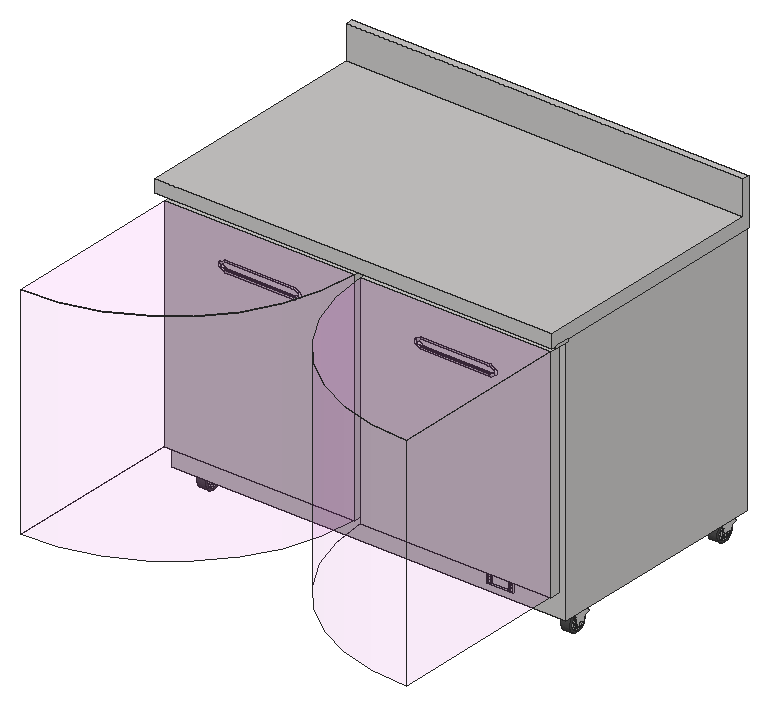
Revit family "QF_Kelvinator_738343_KCHUCWT48R-220_2-Door_220V_Refrigerated_Work_Top_48Long", category Specialty Equipment, Revit 2021
Family settings
  Round Connector Dimension = Use Diameter
  Part Type = Normal
  Work Plane-Based = No
  Always vertical = Yes
  Cut with Voids When Loaded = No
  Shared = No
  Room Calculation Point = No
Parameters
  Weight in Pounds = 280
  Watts = Volts * FL Amps  # 660 W
  Volts = 220 V
  URL Cutsheet = ""
  Specification by User = ""
  Specification by Manufacturer = ""
  Serial Number = ""
  Seismic Rating = ""
  SMACNA No = ""
  Revision Code = ""
  Refrigerant Type = "R290"
  Phase = 1
  Number of Poles = 1
  NAFEM Spec ID Number = ""
  Model = "738343 (KCHUCWT48R-220)"
  Min Ckt Ampacity = 0 A
  Max Overcurrent Protection = 0 A
  Masterspec = ""
  Manufacturer = "Kelvinator Commercial"
  Length = 48 1/4"
  Item Number = "738343"
  Installed By = ""
  Identify Quantity as Lot = yes
  Height = 39 5/8"
  HP = "1/4"
  Furnished By = ""
  Foodservice Equipment Identifier = yes
  FL Amps = 3 A
  Electrical Remarks = ""
  Electric Connection Type = ""
  Elec Conn RI Height = 0"
  Elec Conn Connection Height = 0"
  Description = "2-Door 220V Refrigerated Work Top 48\" Long"
  Depth = 29 15/16"
  Default Elevation = 0"
  Cycle = 50 Hz
  Conn Plug = ""
  Conn Conduit = yes
  CSI MasterFormat = ""
  Apparent Power = 0 VA
Reference planes (in)
  plane 1 "BACK": y = 0
  plane 2: z = 0
  plane 3 "LEFT": x = 0
  plane 4 "RIGHT": x = 48.25
  plane 5 "FRONT": y = -29.9375
  plane 6 "TOP": z = 39.625
  plane 7 "Center Y": x = 24.125
  plane 8 "Center X": y = -14.96875
Dimensions and locks (in)
  equal spacing: plane 3 "LEFT", plane 7 "Center Y", plane 4 "RIGHT"
  "Length": plane 3 "LEFT" to plane 4 "RIGHT"
  equal spacing: plane 5 "FRONT", plane 8 "Center X", plane 1 "BACK"
  "Depth": plane 5 "FRONT" to plane 1 "BACK"
  "Height": plane 6 "TOP" to level
  aligned and locked: level to plane 2
Nested families (in)
  nested 1: "KCHST.0001" at (0, 0, 0), type "KCHST.0001"
    with Show Clearance yes
Connectors (in)
  electrical at (24.11417, -0.87772, 2.31881), driven by "Volts", driven by "Watts"
    settings: on nested 1, index 1, voltage 220 V, apparent load 660 VA, apparent load phase1 0 VA, apparent load phase2 0 VA, apparent load phase3 0 VA, power factor 1, load classification "Other", number of poles 1, system type 30, power factor state 1, is connector primary yes, connector utility no, sub classification motor no, connector description ""
Definition of nested family "KCHST.0001"
  Parameters (values of type "KCHST.0001")
    Weight in Pounds = 0
    URL Cutsheet = ""
    Specification by User = ""
    Specification by Manufacturer = ""
    Show Clearance [instance] = yes
    Serial Number = ""
    Seismic Rating = ""
    SMACNA No = ""
    Revision Code = ""
    NAFEM Spec ID Number = ""
    Masterspec = ""
    Length = 48 1/4"
    Item Number = ""
    Installed By = ""
    Identify Quantity as Lot = yes
    Height = 39 5/8"
    Furnished By = ""
    Foodservice Equipment Identifier = yes
    Depth = 29 15/16"
    Default Elevation = 0"
    CSI MasterFormat = ""
  Reference planes (in)
    plane 1 "BACK": y = 0
    plane 2: z = 0
    plane 3 "LEFT": x = 0
    plane 4 "RIGHT": x = 48.25
    plane 5 "FRONT": y = -29.9375
    plane 6 "TOP": z = 39.625
    plane 7 "Center Y": x = 24.125
    plane 8 "Center X": y = -14.96875
    plane 9: z = 3.1
    plane 10: z = 33.93701
    plane 11: y = -56
    plane 12: y = -29.2
    plane 13: z = 32.99213
    plane 14: z = 5.6
    plane 15: y = -27.5
    plane 16: x = 46.25
    plane 17: x = 2
    plane 18: x = 47.75
    plane 19: x = 0.5
    plane 20: z = 35.51181
    plane 21: y = -27.2
    plane 22: x = 23.875
    plane 23: x = 24.375
    plane 24: x = 12.19362
  Forms (in)
    Extrusion 1, solid
      sketch origin (0, 0, 0) x (0, 1, 0) y (0, 0, 1)
        loop
          line (-27.5, 33.93701) -> (-27.5, 3.1) -> (0, 3.1) -> (0, 33.93701) -> (-27.5, 33.93701)
      from 0.15748 to 48.07087
    Extrusion 2, solid
      sketch origin (0, 0, 0) x (0, 1, 0) y (0, 0, 1)
        loop
          line (-0.7874, 39.625) -> (-0.7874, 35.51181) -> (-29.9375, 35.51181) -> (-29.9375, 33.93701) -> (0, 33.93701) -> (0, 39.625) -> (-0.7874, 39.625)
      from 0 to 48.25
    Extrusion 3, solid
      sketch origin (0, 0, 0) x (0, 1, 0) y (0, 0, 1)
        loop
          line (-29.25197, 33.93701) -> (-29.25197, 33.62205) -> (-27.5, 33.62205) -> (-27.5, 33.93701) -> (-29.25197, 33.93701)
      from 0 to 48.25
    Extrusion 4, solid
      sketch origin (24.125, 6.90541, 48) x (0, 1, 0) y (0, 0, 1)
        loop
          line (-36.10541, -15.00787) -> (-36.10541, -41.77953) -> (-34.95211, -41.77953) -> (-34.95211, -15.00787) -> (-36.10541, -15.00787)
      from -0.3937 to -23.46457
    Extrusion 5, solid
      sketch origin (0, 0, 0) x (0, 1, 0) y (0, 0, 1)
        loop
          line (-28.04671, 32.67717) -> (-28.04671, 6.61417) -> (-27.5, 6.61417) -> (-27.5, 32.67717) -> (-28.04671, 32.67717)
      from 1.20079 to 23.16929
    Extrusion 6, solid
      sketch origin (-4.13337, -27.5, -4.52756) x (-1, 0, 0) y (0, 0, 1)
        loop
          line (-42.67533, 9.70772) -> (-45.82493, 9.70772) -> (-45.82493, 8.52662) -> (-42.67533, 8.52662) -> (-42.67533, 9.70772)
        loop
          line (-42.75407, 9.63107) -> (-43.14777, 9.63107) -> (-43.14777, 9.31193) -> (-42.75407, 9.31193) -> (-42.75407, 9.63107)
        loop
          line (-42.75407, 9.27674) -> (-43.14777, 9.27674) -> (-43.14777, 8.9576) -> (-42.75407, 8.9576) -> (-42.75407, 9.27674)
        loop
          line (-42.75407, 8.92241) -> (-43.14777, 8.92241) -> (-43.14777, 8.60327) -> (-42.75407, 8.60327) -> (-42.75407, 8.92241)
        loop
          line (-45.74619, 9.63107) -> (-45.74619, 9.31193) -> (-45.35249, 9.31193) -> (-45.35249, 9.63107) -> (-45.74619, 9.63107)
        loop
          line (-45.74619, 9.27674) -> (-45.74619, 8.9576) -> (-45.35249, 8.9576) -> (-45.35249, 9.27674) -> (-45.74619, 9.27674)
        loop
          line (-45.74619, 8.92241) -> (-45.74619, 8.60327) -> (-45.35249, 8.60327) -> (-45.35249, 8.92241) -> (-45.74619, 8.92241)
        loop
          line (-43.22525, 9.63107) -> (-45.27501, 9.63107) -> (-45.27501, 8.60716) -> (-43.22525, 8.60716) -> (-43.22525, 9.63107)
      from 0.07874 to -0.04602
    Extrusion 7, solid
      sketch origin (-4.13337, -27.54602, -4.52756) x (1, 0, 0) y (0, 0, 1)
        loop
          line (45.35249, 9.63107) -> (45.35249, 9.31193) -> (45.74619, 9.31193) -> (45.74619, 9.63107) -> (45.35249, 9.63107)
        loop
          line (45.35249, 9.27674) -> (45.35249, 8.9576) -> (45.74619, 8.9576) -> (45.74619, 9.27674) -> (45.35249, 9.27674)
        loop
          line (45.35249, 8.92241) -> (45.35249, 8.60327) -> (45.74619, 8.60327) -> (45.74619, 8.92241) -> (45.35249, 8.92241)
        loop
          line (43.14777, 9.63107) -> (42.75407, 9.63107) -> (42.75407, 9.31193) -> (43.14777, 9.31193) -> (43.14777, 9.63107)
        loop
          line (43.14777, 9.27674) -> (42.75407, 9.27674) -> (42.75407, 8.9576) -> (43.14777, 8.9576) -> (43.14777, 9.27674)
        loop
          line (43.14777, 8.92241) -> (42.75407, 8.92241) -> (42.75407, 8.60327) -> (43.14777, 8.60327) -> (43.14777, 8.92241)
      from 0 to -0.07874
    Extrusion 8, solid
      sketch origin (-4.13337, -27.54602, -4.52756) x (1, 0, 0) y (0, 0, 1)
        loop
          line (43.22525, 9.63107) -> (43.22525, 8.60716) -> (45.27501, 8.60716) -> (45.27501, 9.63107) -> (43.22525, 9.63107)
      from 0 to -0.07874
    Extrusion 9, void
      sketch origin (-4.13337, -27.5, -4.52756) x (-1, 0, 0) y (0, 0, 1)
        loop
          line (-42.67533, 9.70772) -> (-45.82493, 9.70772) -> (-45.82493, 8.52662) -> (-42.67533, 8.52662) -> (-42.67533, 9.70772)
      from 0 to 0.07874
    Extrusion 10, void
      sketch origin (-37.39706, -29.19996, 30.23965) x (0, 0, 1) y (1, 0, 0)
        loop
          line (-1.35579, 45.41568) -> (-1.35579, 53.76568) -> (-1.69391, 54.30668)
          arc (-1.69391, 54.30668) -> (-1.79329, 54.36176) -> (-1.89266, 54.30668) r 0.11719
          line (-1.89266, 54.30668) -> (-2.23079, 53.76568) -> (-2.23079, 45.41568) -> (-1.89409, 44.87696)
          arc (-1.89409, 44.87696) -> (-1.79329, 44.82109) -> (-1.69249, 44.87696) r 0.11887
          line (-1.69249, 44.87696) -> (-1.35579, 45.41568)
      from 0 to 0.31887
    Sweep 11, solid
      path origin (-37.39706, -26.39996, 30.23965) x (0, 0, -1) y (1, 0, 0)
        loop
          line (2.23079, 53.76568) -> (1.89266, 54.30668)
          arc (1.89266, 54.30668) -> (1.79329, 54.36176) -> (1.69391, 54.30668) r 0.11719
          line (1.69391, 54.30668) -> (1.35579, 53.76568) -> (1.35579, 45.41568) -> (1.69249, 44.87696)
          arc (1.69249, 44.87696) -> (1.79329, 44.82109) -> (1.89409, 44.87696) r 0.11887
          line (1.89409, 44.87696) -> (2.23079, 45.41568) -> (2.23079, 53.76568)
      profile origin (12.19362, -26.39996, 28.00886) x (0, 0, -1) y (0, -1, 0)
        loop
          line (0, 2.8) -> (0.25, 2.8)
          arc (0.25, 2.8) -> (0.125, 2.85269) -> (0, 2.8) r 0.17461
    Extrusion 12, solid
      sketch origin (-9.48794, -3.56521, 3.1) x (-1, 0, 0) y (0, 1, 0)
        loop
          circle (-33.60212, 2.68749) r 0.25
      from 0 to 0.78119
    Extrusion 13, solid
      sketch origin (24.125, 6.90541, 48) x (0, 1, 0) y (0, 0, -1)
        loop
          line (-36.10541, 15.00787) -> (-34.95211, 15.00787) -> (-34.95211, 41.77953) -> (-36.10541, 41.77953) -> (-36.10541, 15.00787)
      from -0.3937 to -23.46457
    Extrusion 14, solid
      sketch origin (48.25, 0, 0) x (0, 1, 0) y (0, 0, -1)
        loop
          line (-28.04671, -32.67717) -> (-27.5, -32.67717) -> (-27.5, -6.61417) -> (-28.04671, -6.61417) -> (-28.04671, -32.67717)
      from 1.22244 to 23.19094
    Extrusion 15, void
      sketch origin (85.64706, -29.19996, 30.23965) x (0, 0, 1) y (1, 0, 0)
        loop
          line (-1.35579, -45.41568) -> (-1.69249, -44.87696)
          arc (-1.69249, -44.87696) -> (-1.79329, -44.82109) -> (-1.89409, -44.87696) r 0.11887
          line (-1.89409, -44.87696) -> (-2.23079, -45.41568) -> (-2.23079, -53.76568) -> (-1.89266, -54.30668)
          arc (-1.89266, -54.30668) -> (-1.79329, -54.36176) -> (-1.69391, -54.30668) r 0.11719
          line (-1.69391, -54.30668) -> (-1.35579, -53.76568) -> (-1.35579, -45.41568)
      from 0 to 0.31887
    Sweep 16, solid
      path origin (85.64706, -26.39996, 30.23965) x (0, 0, -1) y (1, 0, 0)
        loop
          line (2.23079, -53.76568) -> (2.23079, -45.41568) -> (1.89409, -44.87696)
          arc (1.89409, -44.87696) -> (1.79329, -44.82109) -> (1.69249, -44.87696) r 0.11887
          line (1.69249, -44.87696) -> (1.35579, -45.41568) -> (1.35579, -53.76568) -> (1.69391, -54.30668)
          arc (1.69391, -54.30668) -> (1.79329, -54.36176) -> (1.89266, -54.30668) r 0.11719
          line (1.89266, -54.30668) -> (2.23079, -53.76568)
      profile origin (36.05638, -26.39996, 28.00886) x (0, 0, 1) y (0, -1, 0)
        loop
          arc (0, 2.8) -> (-0.125, 2.85269) -> (-0.25, 2.8) r 0.17461
          line (-0.25, 2.8) -> (0, 2.8)
    Extrusion 17, solid, visible <- "Show Clearance"
      sketch origin (0, 9.61225, 5.6) x (1, 0, 0) y (0, -1, 0)
        loop
          line (0.64961, 38.81225) -> (23.72047, 38.81225)
          arc (23.72047, 38.81225) -> (16.78944, 54.63496) -> (0.64961, 60.79149) r 22.35095
          line (0.64961, 60.79149) -> (0.64961, 38.81225)
        loop
          line (47.60039, 38.81225) -> (47.60039, 60.79149)
          arc (47.60039, 60.79149) -> (31.45296, 54.6361) -> (24.50787, 38.81225) r 22.37296
          line (24.50787, 38.81225) -> (47.60039, 38.81225)
      from -0.62047 to -27.39213
    Extrusion 18, solid
      sketch origin (1.04331, -28.68111, 32.99213) x (0, -1, 0) y (0, 0, 1)
        loop
          line (-1.18111, 0.31496) -> (-1.18111, 0) -> (-0.0808, 0) -> (-0.0808, 0.09843) -> (-1.08269, 0.09843) -> (-1.08269, 0.31496) -> (-1.18111, 0.31496)
        loop
          line (-1.18111, -27.08661) -> (-1.08269, -27.08661) -> (-1.08269, -26.87008) -> (-0.0808, -26.87008) -> (-0.0808, -26.77165) -> (-1.18111, -26.77165) -> (-1.18111, -27.08661)
      from 0 to -2.59843
    Extrusion 19, solid
      sketch origin (47.18504, -28.68111, 32.99213) x (0, -1, 0) y (0, 0, -1)
        loop
          line (-1.18111, -0.31496) -> (-1.08269, -0.31496) -> (-1.08269, -0.09843) -> (-0.0808, -0.09843) -> (-0.0808, 0) -> (-1.18111, 0) -> (-1.18111, -0.31496)
        loop
          line (-1.18111, 27.08661) -> (-1.18111, 26.77165) -> (-0.0808, 26.77165) -> (-0.0808, 26.87008) -> (-1.08269, 26.87008) -> (-1.08269, 27.08661) -> (-1.18111, 27.08661)
      from 0 to -2.59843
  Cuts and joins
    Extrusion 9 cuts Extrusion 6
    Extrusion 10, Extrusion 15 cuts Extrusion 4
    Extrusion 15 cuts Extrusion 13
  Lines and regions (in)
    symbolic lines
      curve 1: line (48.25, -29.9375, 0) -> (48.25, 0, 0)
      curve 2: line (48.25, 0, 0) -> (0, 0, 0)
      curve 3: line (0, 0, 0) -> (0, -29.9375, 0)
      curve 4: line (0, -29.9375, 0) -> (48.25, -29.9375, 0)
      curve 5: line (0, -0.48673, 0) -> (48.25, -0.48673, 0)
    symbolic lines, visible <- "Show Clearance"
      curve 6: line (0.64961, -29.9375, 0) -> (20.04734, -41.13679, 0)
      curve 7: arc (23.70535, -29.9375, 0) -> (22.62723, -35.7824, 0) -> (20.04734, -41.13679, 0) r 22.35987
      curve 8: line (47.60039, -29.9375, 0) -> (28.181, -41.13679, 0)
      curve 9: arc (24.52654, -29.9375, 0) -> (25.60359, -35.78194, 0) -> (28.181, -41.13679, 0) r 22.37796
  Dimensions and locks (in)
    equal spacing: plane 3 "LEFT", plane 7 "Center Y", plane 4 "RIGHT"
    "Length": plane 3 "LEFT" to plane 4 "RIGHT"
    equal spacing: plane 5 "FRONT", plane 8 "Center X", plane 1 "BACK"
    "Depth": plane 5 "FRONT" to plane 1 "BACK"
    "Height": plane 6 "TOP" to level
    level to plane 9 = 3.1"
    plane 10 to plane 9 = 30.83701"
    plane 11 to plane 1 "BACK" = 56"
    plane 14 to plane 13 = 27.39213"
    locked: plane 4 "RIGHT" to plane 16 at 2
    locked: plane 3 "LEFT" to plane 17 at 2
    locked: plane 19 to plane 3 "LEFT" at 0.5
    locked: plane 18 to plane 4 "RIGHT" at 0.5
    plane 3 "LEFT" to plane 4 "RIGHT" = 48 1/4"
    plane 20 to level = 35.51181"
    plane 6 "TOP" to plane 20 = 4.11319"
    plane 5 "FRONT" to plane 1 "BACK" = 29 15/16"
    plane 21 to plane 1 "BACK" = 27.2"
    plane 9 to plane 20 = 32.41181"
    aligned and locked: level to plane 2
    aligned and locked: plane 16 to nested 1
    aligned and locked: nested 2 to plane 17
    aligned and locked: Extrusion 3 to plane 4 "RIGHT"
    aligned and locked: Extrusion 2 to plane 4 "RIGHT"
    aligned and locked: plane 16 to nested 3
  Automatic sketch dimensions
    curve 5 to plane 3 "LEFT" = 0"
    plane 5 "FRONT" to curve 6 = 0"
    plane 1 "BACK" to curve 2 = 0"
    curve 2 to plane 4 "RIGHT" = 0"
    plane 17 to curve 7 = 0.62757"
    curve 6 to plane 22 = 3.82766"
    curve 8 to plane 23 = 3.806"
    plane 16 to curve 9 = 0.62757"
    plane 5 "FRONT" to curve 6 = 11.19929"
    curve 6 to curve 8 = 0"
    plane 12 to curve 7 = 0.36001"
    plane 12 to curve 9 = 0.36001"
    plane 19 to curve 6 = 0.14961"
    curve 8 to plane 18 = 0.14961"
    plane 1 "BACK" to curve 5 = 0.48673"
    plane 9 to Extrusion 1 sketch curve = 0"
    Extrusion 1 sketch curve to plane 15 = 0"
    Extrusion 1 sketch curve to plane 1 "BACK" = 0"
    Extrusion 1 sketch curve to plane 10 = 0"
    Extrusion 2 sketch curve to plane 5 "FRONT" = 0"
    Extrusion 2 sketch curve to plane 20 = 0"
    Extrusion 2 sketch curve to plane 6 "TOP" = 0"
    Extrusion 2 sketch curve to plane 1 "BACK" = 0"
    Extrusion 2 sketch curve to plane 10 = 0"
    plane 1 "BACK" to Extrusion 2 sketch curve = 0.7874"
    Extrusion 3 sketch curve to plane 10 = 0"
    Extrusion 3 sketch curve to plane 15 = 0"
    Extrusion 3 sketch curve to plane 12 = 0.05197"
    Extrusion 3 sketch curve to plane 10 = 0.31496"
    Extrusion 4 sketch curve to plane 12 = 0"
    plane 13 to Extrusion 4 sketch curve = 0"
    Extrusion 4 sketch curve to plane 15 = 0.54671"
    Extrusion 4 sketch curve to plane 14 = 0.62047"
    Extrusion 5 sketch curve to plane 15 = 0"
    Extrusion 5 sketch curve to Extrusion 5 sketch curve = 0.54671"
    Extrusion 5 sketch curve to plane 14 = 1.01417"
    plane 13 to Extrusion 5 sketch curve = 0.31496"
    plane 14 to Extrusion 6 sketch curve = 0.41984"
    Extrusion 6 sketch curve to plane 16 = 4.55843"
    Extrusion 6 sketch curve to Extrusion 6 sketch curve = 0.07874"  (x3)
    Extrusion 6 sketch curve to Extrusion 6 sketch curve = 0"  (x7)
    Extrusion 6 sketch curve to Extrusion 6 sketch curve = 0.3937"  (x2)
    Extrusion 6 sketch curve to Extrusion 6 sketch curve = 0.07748"  (x3)
    Extrusion 6 sketch curve to plane 9 = 0.9796"
    Extrusion 6 sketch curve to Extrusion 6 sketch curve = 2.04976"
    Extrusion 6 sketch curve to Extrusion 6 sketch curve = 1/256"  (x2)
    Extrusion 6 sketch curve to Extrusion 6 sketch curve = 0.07665"  (x3)
    Extrusion 6 sketch curve to Extrusion 6 sketch curve = 0.31914"  (x4)
    Extrusion 6 sketch curve to Extrusion 6 sketch curve = 0.03519"  (x4)
    Extrusion 6 to Extrusion 7 sketch curve = 0"  (x10)
    Extrusion 7 sketch curve to Extrusion 6 = 0"  (x14)
    Extrusion 8 sketch curve to Extrusion 6 = 0"  (x3)
    Extrusion 6 to Extrusion 8 sketch curve = 0"
    plane 14 to Extrusion 9 sketch curve = 0.41984"
    Extrusion 9 sketch curve to plane 16 = 4.55843"
    Extrusion 9 sketch curve to plane 9 = 0.89906"
    Extrusion 9 sketch curve to Extrusion 9 sketch curve = 3.14961"
    plane 13 to Extrusion 10 sketch curve = 4.98327"
    Extrusion 10 sketch curve to Extrusion 10 sketch curve = 0.3367"
    Extrusion 10 sketch curve to Extrusion 10 sketch curve = 0.33813"  (x2)
    Extrusion 10 sketch curve to Extrusion 10 sketch curve = 0.09937"  (x2)
    Extrusion 10 sketch curve to Extrusion 10 sketch curve = 0.1008"  (x2)
    Extrusion 10 sketch curve to plane 24 = 4.71372"
    Extrusion 10 sketch curve to Extrusion 10 sketch curve = 0.063"
    Extrusion 10 sketch curve to Extrusion 10 sketch curve = 0.53872"  (x2)
    plane 24 to Extrusion 10 sketch curve = 4.175"
    Extrusion 10 sketch curve to Extrusion 10 sketch curve = 0"
    Extrusion 10 sketch curve to Extrusion 10 sketch curve = 0.47889"
    Extrusion 10 sketch curve to Extrusion 10 sketch curve = 0.06211"
    plane 13 to Sweep 11 sketch curve = 4.10827"
    Sweep 11 sketch curve to Sweep 11 sketch curve = 0.3367"
    Sweep 11 sketch curve to Sweep 11 sketch curve = 0.33813"  (x2)
    Sweep 11 sketch curve to Sweep 11 sketch curve = 0.09937"  (x2)
    Sweep 11 sketch curve to Sweep 11 sketch curve = 0.1008"  (x2)
    Sweep 11 sketch curve to plane 24 = 4.71372"
    Sweep 11 sketch curve to Sweep 11 sketch curve = 0.063"
    Sweep 11 sketch curve to Sweep 11 sketch curve = 0.53872"  (x2)
    plane 24 to Sweep 11 sketch curve = 4.175"
    Sweep 11 sketch curve to Sweep 11 sketch curve = 0"
    Sweep 11 sketch curve to Sweep 11 sketch curve = 0.47889"
    Sweep 11 sketch curve to Sweep 11 sketch curve = 0.06211"
    Sweep 11 sketch curve to profile plane = 0"
    Sweep 11 sketch curve to profile plane = 1/8"
    profile plane to Sweep 11 sketch curve = 2.67809"
    Sweep 11 sketch curve to Sweep 11 sketch curve = 0.12191"
    Extrusion 1 to Extrusion 12 sketch curve = 0.87772"
    Extrusion 12 sketch curve to Extrusion 1 = 23.95669"
    Extrusion 13 sketch curve to plane 12 = 0"
    plane 13 to Extrusion 13 sketch curve = 0"
    Extrusion 13 sketch curve to plane 15 = 0.54671"
    Extrusion 13 sketch curve to plane 14 = 0.62047"
    Extrusion 14 sketch curve to plane 15 = 0"
    Extrusion 14 sketch curve to Extrusion 14 sketch curve = 0.54671"
    plane 13 to Extrusion 14 sketch curve = 0.31496"
    Extrusion 14 sketch curve to plane 14 = 1.01417"
    plane 13 to Extrusion 15 sketch curve = 4.98327"
    Extrusion 15 sketch curve to Extrusion 15 sketch curve = 0.3367"
    Extrusion 15 sketch curve to Extrusion 15 sketch curve = 0.33813"  (x2)
    Extrusion 15 sketch curve to Extrusion 15 sketch curve = 0.09937"  (x2)
    Extrusion 15 sketch curve to Extrusion 15 sketch curve = 0.1008"  (x2)
    Extrusion 15 sketch curve to plane 23 = 6.96538"
    Extrusion 15 sketch curve to Extrusion 15 sketch curve = 0.06211"
    Extrusion 15 sketch curve to Extrusion 15 sketch curve = 0.541"  (x2)
    Extrusion 15 sketch curve to plane 16 = 6.01862"
    Extrusion 15 sketch curve to Extrusion 15 sketch curve = 0"
    Extrusion 15 sketch curve to Extrusion 15 sketch curve = 0.47572"
    Extrusion 15 sketch curve to Extrusion 15 sketch curve = 0.063"
    plane 13 to Sweep 16 sketch curve = 4.10827"
    Sweep 16 sketch curve to Sweep 16 sketch curve = 0.3367"
    Sweep 16 sketch curve to Sweep 16 sketch curve = 0.33813"  (x2)
    Sweep 16 sketch curve to Sweep 16 sketch curve = 0.09937"  (x2)
    Sweep 16 sketch curve to Sweep 16 sketch curve = 0.1008"  (x2)
    Sweep 16 sketch curve to plane 23 = 6.96538"
    Sweep 16 sketch curve to Sweep 16 sketch curve = 0.06211"
    Sweep 16 sketch curve to Sweep 16 sketch curve = 0.541"  (x2)
    Sweep 16 sketch curve to plane 16 = 6.01862"
    Sweep 16 sketch curve to Sweep 16 sketch curve = 0"
    Sweep 16 sketch curve to Sweep 16 sketch curve = 0.47572"
    Sweep 16 sketch curve to Sweep 16 sketch curve = 0.063"
    profile plane to Sweep 16 sketch curve = 0"
    profile plane to Sweep 16 sketch curve = 1/8"
    profile plane to Sweep 16 sketch curve = 2.67809"
    Sweep 16 sketch curve to Sweep 16 sketch curve = 0.12191"
    Extrusion 17 sketch curve to plane 12 = 0"  (x2)
    plane 19 to Extrusion 17 sketch curve = 0.14961"
    plane 17 to Extrusion 17 sketch curve = 0.62757"
    Extrusion 17 sketch curve to plane 22 = 0.15453"
    Extrusion 17 sketch curve to plane 23 = 0.13287"
    plane 16 to Extrusion 17 sketch curve = 0.62757"
    Extrusion 17 sketch curve to plane 18 = 0.14961"
    Extrusion 17 sketch curve to plane 11 = 4.82076"  (x2)
    Extrusion 18 sketch curve to Extrusion 18 sketch curve = 26.77165"
    Extrusion 18 sketch curve to Extrusion 18 sketch curve = 0.09843"
    Extrusion 18 sketch curve to Extrusion 18 sketch curve = 0.21654"  (x2)
    plane 13 to Extrusion 19 sketch curve = 0"
    plane 21 to Extrusion 19 sketch curve = 0.3"  (x2)
    plane 21 to Extrusion 19 sketch curve = 51/128"  (x2)
    Extrusion 19 sketch curve to plane 15 = 1.10032"  (x2)
    Extrusion 19 sketch curve to plane 13 = 0.09843"
    Extrusion 19 sketch curve to Extrusion 19 sketch curve = 0.21654"  (x2)
    Extrusion 19 sketch curve to plane 14 = 0.62047"
    Extrusion 19 sketch curve to Extrusion 19 sketch curve = 0.09843"
    plane 13 to Extrusion 18 sketch curve = 0"
    plane 21 to Extrusion 18 sketch curve = 0.3"  (x2)
    plane 21 to Extrusion 18 sketch curve = 51/128"  (x2)
    Extrusion 18 sketch curve to plane 15 = 1.10032"  (x2)
    Extrusion 18 sketch curve to plane 13 = 0.09843"
    radius of Extrusion 12 sketch curve = 1/4"
  Nested families (in)
    nested 1: "3 INCHES 01_CASTER" at (46.25, -24.75, 0), type "3 INCHES 01_CASTER"
      with Type Mark "", Specification by User "", Revision Code "", Item Number "", Installed By "", Identify Quantity as Lot yes, Furnished By "", Foodservice Equipment Identifier yes, 3 Inches Caster yes
    nested 2: "3 INCHES 01_CASTER" at (2, -24.75, 0), type "3 INCHES 01_CASTER"
      with Type Mark "", Specification by User "", Revision Code "", Item Number "", Installed By "", Identify Quantity as Lot yes, Furnished By "", Foodservice Equipment Identifier yes, 3 Inches Caster yes
    nested 3: "3 INCHES 01_CASTER" at (46.25, -2.375, 0), type "3 INCHES 01_CASTER"
      with Type Mark "", Specification by User "", Revision Code "", Item Number "", Installed By "", Identify Quantity as Lot yes, Furnished By "", Foodservice Equipment Identifier yes, 3 Inches Caster yes
    nested 4: "3 INCHES 01_CASTER" at (2, -2.375, 0), type "3 INCHES 01_CASTER"
      with Type Mark "", Specification by User "", Revision Code "", Item Number "", Installed By "", Identify Quantity as Lot yes, Furnished By "", Foodservice Equipment Identifier yes, 3 Inches Caster yes
  Definition of nested family "3 INCHES 01_CASTER"
    Parameters (values of type "3 INCHES 01_CASTER")
      Weight = ""
      URL Manufacturer = ""
      URL Cutsheet = ""
      URL = ""
      Type Mark [instance] = ""
      Specification by User [instance] = ""
      Specification by Manufacturer = ""
      Serial Number = ""
      Seismic Rating = ""
      SMACNA No = ""
      Revision Code [instance] = ""
      Omniclass Number and Title = ""
      NAFEM Spec ID Number = ""
      Model = ""
      MasterSpec. = ""
      Manufacturer = ""
      Item Number [instance] = ""
      Installed By [instance] = ""
      Identify Quantity as Lot [instance] = yes
      Furnished By [instance] = ""
      Foodservice Equipment Identifier [instance] = yes
      Description = ""
      Default Elevation = 0"
      CSI MasterFormat = ""
      CSI Master Format = ""
      Assembly Code = ""
      3 Inches Caster [instance] = yes
    Reference planes (in)
      plane 1: z = 0
      plane 2 "RIGHT": x = 0
      plane 3 "FRONT": y = 0
      plane 4 "TOP": z = 3.1
    Forms (in)
      Revolve 1, solid, visible <- "3 Inches Caster"
        sketch origin (-1.93794, 0.56004, -1.0041) x (1, 0, 0) y (0, 0, 1)
          loop
            line (0.74055, 2.11347) -> (0.74055, 2.03797) -> (0.79055, 1.98797) -> (0.85055, 1.98797) -> (0.85055, 1.8679) -> (1.235, 1.8679) -> (1.235, 1.7068) -> (1.36441, 1.63209) -> (1.4003, 1.41035) -> (1.34375, 1.41035) -> (1.34375, 1.28535) -> (1.375, 1.28535) -> (1.375, 1.0041) -> (2.48438, 1.0041) -> (2.48438, 1.28535) -> (2.51563, 1.28535) -> (2.51563, 1.41035) -> (2.45908, 1.41035) -> (2.49553, 1.6356) -> (2.62438, 1.70999) -> (2.62438, 1.8679) -> (3.04007, 1.8679) -> (3.04007, 1.98797) -> (3.10007, 1.98797) -> (3.15007, 2.03797) -> (3.15007, 2.11347) -> (0.74055, 2.11347)
          axis (0.74055, 2.11347) -> (3.15007, 2.11347)
        angle from 0 to 360
      Extrusion 2, solid, visible <- "3 Inches Caster"
        sketch origin (-1.93794, 1.35294, -3.2541) x (0, 1, 0) y (0, 0, 1)
          loop
            line (-0.41094, 5.86793) -> (-0.41094, 6.01276) -> (-2.29494, 6.01276) -> (-2.29494, 5.71244) -> (-1.82301, 5.71244)
            arc (-1.82301, 5.71244) -> (-1.00307, 5.59865) -> (-0.19592, 5.41488) r 9.6332
            arc (-0.19592, 5.41488) -> (0.12646, 5.29481) -> (0.42224, 5.11916) r 1.92059
            line (0.42224, 5.11916) -> (0.51314, 5.245)
            arc (0.51314, 5.245) -> (0.27353, 5.42569) -> (0.01201, 5.5729) r 2.25036
            line (0.01201, 5.5729) -> (0.09371, 5.71426)
            arc (0.09371, 5.71426) -> (-0.15272, 5.81043) -> (-0.41094, 5.86793) r 1.73151
        from 1.17357 to 2.70231
      Revolve 3, solid, visible <- "3 Inches Caster"
        sketch origin (0, 1.73858, -3.25) x (0, 1, 0) y (0, 0, 1)
          loop
            line (-1.73858, 6.35) -> (-1.73858, 6.00866) -> (-0.93293, 6.00866) -> (-0.93293, 6.35) -> (-1.73858, 6.35)
          axis (-1.73858, 6.00866) -> (-1.73858, 6.35)
        angle from 0 to 360
      Extrusion 4, solid, visible <- "3 Inches Caster"
        sketch origin (-1.98481, 1.35294, -1.7541) x (0, 1, 0) y (0, 0, 1)
          loop
            line (-2.29494, 4.51276) -> (-2.29494, 4.21244) -> (-2.2074, 4.21244)
            arc (-2.2074, 4.21244) -> (-1.58796, 3.87196) -> (-1.3103, 3.22193) r 1.0835
            arc (-1.3103, 3.22193) -> (-1.27304, 2.98711) -> (-1.19616, 2.76214) r 1.38462
            arc (-1.19616, 2.76214) -> (-0.77704, 2.49744) -> (-0.37393, 2.78593) r 0.44401
            arc (-0.37393, 2.78593) -> (-0.35491, 2.84407) -> (-0.34077, 2.90358) r 0.74034
            arc (-0.34077, 2.90358) -> (-0.07302, 3.38916) -> (0.4279, 3.62699) r 0.90376
            line (0.4279, 3.62699) -> (0.51314, 3.745)
            arc (0.51314, 3.745) -> (0.27353, 3.92569) -> (0.01201, 4.0729) r 2.25036
            line (0.01201, 4.0729) -> (0.09371, 4.21426)
            arc (0.09371, 4.21426) -> (-0.15272, 4.31043) -> (-0.41094, 4.36793) r 1.73151
            line (-0.41094, 4.36793) -> (-0.41094, 4.51276) -> (-2.29494, 4.51276)
        from 2.74918 to 2.90825
      Extrusion 5, solid, visible <- "3 Inches Caster"
        sketch origin (1.98481, 1.35294, -1.7541) x (0, 1, 0) y (0, 0, -1)
          loop
            line (-2.29494, -4.51276) -> (-0.41094, -4.51276) -> (-0.41094, -4.36793)
            arc (-0.41094, -4.36793) -> (-0.15272, -4.31043) -> (0.09371, -4.21426) r 1.73151
            line (0.09371, -4.21426) -> (0.01201, -4.0729)
            arc (0.01201, -4.0729) -> (0.27353, -3.92569) -> (0.51314, -3.745) r 2.25036
            line (0.51314, -3.745) -> (0.4279, -3.62699)
            arc (0.4279, -3.62699) -> (-0.07302, -3.38916) -> (-0.34077, -2.90358) r 0.90376
            arc (-0.34077, -2.90358) -> (-0.35491, -2.84407) -> (-0.37393, -2.78593) r 0.74034
            arc (-0.37393, -2.78593) -> (-0.77704, -2.49744) -> (-1.19616, -2.76214) r 0.44401
            arc (-1.19616, -2.76214) -> (-1.27304, -2.98711) -> (-1.3103, -3.22193) r 1.38462
            arc (-1.3103, -3.22193) -> (-1.58796, -3.87196) -> (-2.2074, -4.21244) r 1.0835
            line (-2.2074, -4.21244) -> (-2.29494, -4.21244) -> (-2.29494, -4.51276)
        from 2.74918 to 2.90825
    Cuts and joins
      joined: Extrusion 2, Extrusion 4, Extrusion 5
    Lines and regions (in)
      symbolic lines, visible <- "3 Inches Caster"
        curve 1: line (0.1877, 1.65194, 0) -> (0.89063, 1.2461, 0)
        curve 2: line (-1.00175, -0.40823, 0) -> (0.1877, 1.65194, 0)
        curve 3: line (-0.29881, -0.81407, 0) -> (-1.00175, -0.40823, 0)
        curve 4: line (0.89063, 1.2461, 0) -> (-0.29881, -0.81407, 0)
    Dimensions and locks (in)
      plane 4 "TOP" to level = 3.1"  (x2)
      aligned and locked: level to plane 1
